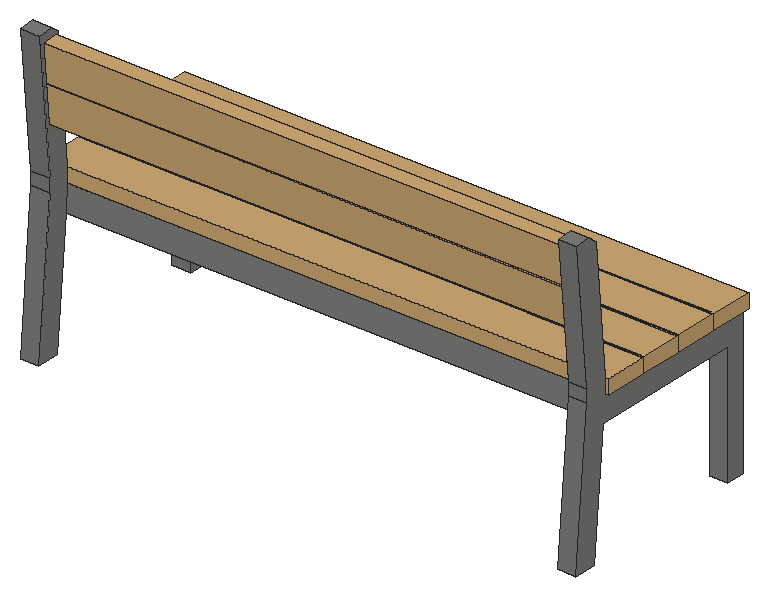
Revit family "L-FUR_벤치_YB-226_예건", category 일반 모델, Revit 2019
Family settings
  보강 철근 호스트 가능 = 아니오
  원형 커넥터 치수 = 지름 사용
  부품 유형 = 보통
  작업 기준면 기반 = 아니오
  항상 수직 = 예
  로드될 때 보이드를 사용하여 절단 = 아니오
  공유 = 아니오
  룸 계산 점 = 아니오
Parameters
  한국산업규격KS = ""
  조달청표준공사코드-세부공종 = ""
  건설정보분류체계-부위분류 = "E94335"
  LIM_INFO_주의사항 = "재배포, 재가공, 판매 금지"
  LIM_INFO_제품업체 = "예건"
  LIM_INFO_제품번호 = "YF-16"
  LIM_INFO_제품명 = "펜스_YF-16"
  LIM_INFO_제작일 = "2021.12."
  LIM_INFO_재료 = "Hardwood, STL-pipe, STL-plate"
  LIM_INFO_업체정보 = ""
  LIM_INFO_업체URL = "https://yekun.com/"
  LIM_INFO_업체TEL = "(+82)31-943-6114"
  LIM_INFO_업체EMAIL = "yekun@yekun.com"
  LIM_INFO_버전 = "2022_V01"
  LIM_INFO_기타정보 = ""
  LIM_INFO_규격 = "W2000 x H1800"
  LIM_INFO_가격 = 0
  LIM_INFO_PV_포장재여부 = yes
  LIM_INFO_PV_면적 = 0.00 m²
  KBIMS_식별-버전 = ""
  KBIMS_식별-bSK등록번호 = ""
  KBIMS_보급정보-저작자 = "림인포테크_MMJ"
  KBIMS_보급정보-보급코드 = ""
Reference planes
  plane 1 "중심(앞/뒤)": y = 0
  plane 2: z = 0
  plane 3 "중심(왼쪽/오른쪽)": x = 0
Dimensions and locks
  aligned and locked: level to plane 2
Nested families
  nested 1: "YB-226_base" at (0, 0, 0), type "YB-226_base"
Definition of nested family "YB-226_base"
  Reference planes
    plane 1 "중심(앞/뒤)": y = 0
    plane 2: z = 0
    plane 3 "중심(왼쪽/오른쪽)": x = 0
  Forms (mm)
    Extrusion 1, solid, detail levels fine
      sketch origin (10, 0, 0) x (0, 1, 0) y (0, 0, 1)
        loop
          line (2.894, 794.532) -> (35.591, 437.26) -> (35.591, 402.647) -> (0, 0) -> (60.234, 0) -> (89.403, 330) -> (512.591, 330) -> (512.591, 0) -> (562.591, 0) -> (562.591, 400) -> (452.591, 400) -> (448.591, 400) -> (333.591, 400) -> (329.591, 400) -> (214.591, 400) -> (210.591, 400) -> (95.591, 400) -> (95.591, 440) -> (64.467, 780.083) -> (42.728, 798.177) -> (2.894, 794.532)
      from 0 to 50
    Extrusion 2, solid, detail levels fine
      sketch origin (10, 0, 0) x (0, 1, 0) y (0, 0, 1)
        loop
          line (2.894, 794.532) -> (35.591, 437.26) -> (35.591, 402.647) -> (0, 0) -> (60.234, 0) -> (89.403, 330) -> (512.591, 330) -> (512.591, 0) -> (562.591, 0) -> (562.591, 400) -> (452.591, 400) -> (448.591, 400) -> (333.591, 400) -> (329.591, 400) -> (214.591, 400) -> (210.591, 400) -> (95.591, 400) -> (95.591, 440) -> (64.467, 780.083) -> (42.728, 798.177) -> (2.894, 794.532)
      from 1500 to 1450
    Extrusion 3, solid, detail levels fine
      sketch origin (10, 0, 0) x (0, 1, 0) y (0, 0, 1)
        loop
          line (512.591, 330) -> (562.591, 330) -> (562.591, 400) -> (512.591, 400) -> (512.591, 330)
        loop
          line (145.591, 330) -> (145.591, 400) -> (95.591, 400) -> (89.403, 330) -> (145.591, 330)
      from 1450 to 50
    Extrusion 4, solid, detail levels fine
      sketch origin (10, 0, 0) x (0, 1, 0) y (0, 0, 1)
        loop
          line (567.591, 440) -> (452.591, 440) -> (452.591, 400) -> (567.591, 400) -> (567.591, 440)
        loop
          line (448.591, 440) -> (333.591, 440) -> (333.591, 400) -> (448.591, 400) -> (448.591, 440)
        loop
          line (329.591, 440) -> (214.591, 440) -> (214.591, 400) -> (329.591, 400) -> (329.591, 440)
        loop
          line (210.591, 400) -> (210.591, 440) -> (95.591, 440) -> (95.591, 400) -> (210.591, 400)
      from 1510 to -10
    Extrusion 5, solid, detail levels fine
      sketch origin (10, 0, 0) x (0, 1, 0) y (0, 0, 1)
        loop
          line (452.591, 440) -> (448.591, 440) -> (448.591, 400) -> (452.591, 400) -> (452.591, 440)
        loop
          line (329.591, 440) -> (329.591, 400) -> (333.591, 400) -> (333.591, 440) -> (329.591, 440)
        loop
          line (210.591, 440) -> (210.591, 400) -> (214.591, 400) -> (214.591, 440) -> (210.591, 440)
      from 0 to 300
    Extrusion 6, solid, detail levels fine
      sketch origin (10, 0, 0) x (0, 1, 0) y (0, 0, 1)
        loop
          line (452.591, 440) -> (448.591, 440) -> (448.591, 400) -> (452.591, 400) -> (452.591, 440)
        loop
          line (329.591, 440) -> (329.591, 400) -> (333.591, 400) -> (333.591, 440) -> (329.591, 440)
        loop
          line (210.591, 440) -> (210.591, 400) -> (214.591, 400) -> (214.591, 440) -> (210.591, 440)
      from 1200 to 1500
    Extrusion 7, solid, detail levels fine
      sketch origin (10, 0, 0) x (0, 1, 0) y (0, 0, 1)
        loop
          line (54.814, 777.142) -> (14.981, 773.496) -> (24.094, 673.912) -> (63.928, 677.558) -> (54.814, 777.142)
        loop
          line (64.292, 673.574) -> (24.459, 669.929) -> (33.572, 570.345) -> (73.406, 573.991) -> (64.292, 673.574)
      from 1450 to 50
    Extrusion 8, solid, detail levels coarse+medium
      sketch origin (10, 0, 0) x (0, 1, 0) y (0, 0, 1)
        loop
          line (2.894, 794.532) -> (35.591, 437.26) -> (35.591, 402.647) -> (0, 0) -> (60.234, 0) -> (89.403, 330) -> (512.591, 330) -> (512.591, 0) -> (562.591, 0) -> (562.591, 400) -> (452.591, 400) -> (448.591, 400) -> (333.591, 400) -> (329.591, 400) -> (214.591, 400) -> (210.591, 400) -> (95.591, 400) -> (95.591, 440) -> (64.467, 780.083) -> (42.728, 798.177) -> (2.894, 794.532)
      from 0 to 50
    Extrusion 9, solid, detail levels coarse+medium
      sketch origin (10, 0, 0) x (0, 1, 0) y (0, 0, 1)
        loop
          line (2.894, 794.532) -> (35.591, 437.26) -> (35.591, 402.647) -> (0, 0) -> (60.234, 0) -> (89.403, 330) -> (512.591, 330) -> (512.591, 0) -> (562.591, 0) -> (562.591, 400) -> (452.591, 400) -> (448.591, 400) -> (333.591, 400) -> (329.591, 400) -> (214.591, 400) -> (210.591, 400) -> (95.591, 400) -> (95.591, 440) -> (64.467, 780.083) -> (42.728, 798.177) -> (2.894, 794.532)
      from 1500 to 1450
    Extrusion 10, solid, detail levels coarse+medium
      sketch origin (10, 0, 0) x (0, 1, 0) y (0, 0, 1)
        loop
          line (512.591, 330) -> (562.591, 330) -> (562.591, 400) -> (512.591, 400) -> (512.591, 330)
        loop
          line (145.591, 330) -> (145.591, 400) -> (95.591, 400) -> (89.403, 330) -> (145.591, 330)
      from 1450 to 50
    Extrusion 11, solid, detail levels coarse+medium
      sketch origin (10, 0, 0) x (0, 1, 0) y (0, 0, 1)
        loop
          line (95.591, 440) -> (95.591, 400) -> (567.591, 400) -> (567.591, 440) -> (95.591, 440)
      from 1510 to -10
    Extrusion 12, solid, detail levels coarse+medium
      sketch origin (10, -559.066, -7.456) x (0, 1, 0) y (0, 0, 1)
        loop
          line (574.981, 773.496) -> (593.572, 570.345) -> (633.406, 573.991) -> (614.814, 777.142) -> (574.981, 773.496)
      from 1450 to 50
  Dimensions and locks
    aligned and locked: level to plane 2
